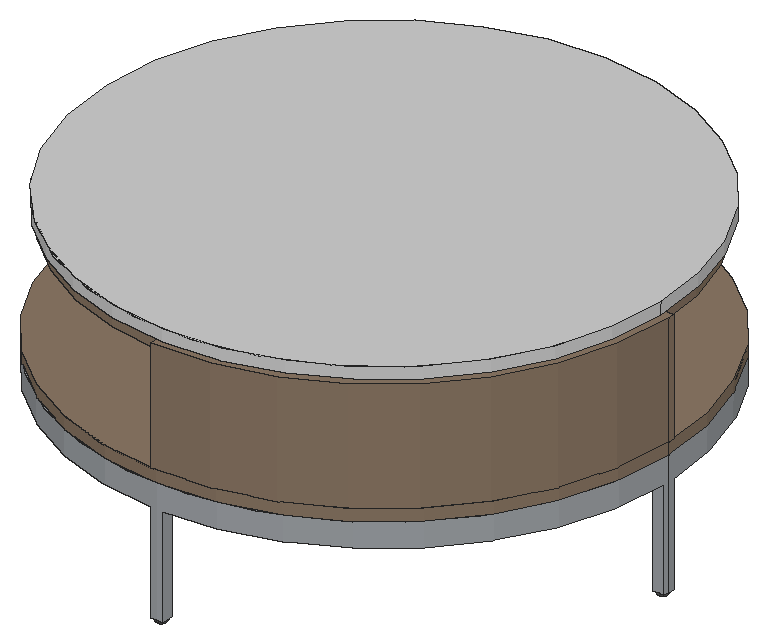
Revit family
Parameters
  URL = "http://www.martinbrattrud.com"
  Table Top [instance] = none
  Table [instance] = none
  SCS Certified Product = "Yes"
  Model = "Braemar 784-37CL"
  Manufacturer = "Martin Brattrud, Inc."
  Leg [instance] = none
  Keynote = "125000"
  Foot [instance] = none
  Copyright = "© 2013 Martin Brattrud, Inc."
  Authoring Version = "Revit Architecture 2010"
  Assembly Code = "E2020200"
Reference planes (in)
  plane 1 "Center Front/Back": y = 0
  plane 2: z = 0
  plane 3 "Center Left/Right": x = 0
Forms (in)
  Extrusion 1, solid, material <- "Table Top"
    sketch origin (0, 0, 0) x (1, 0, 0) y (0, 1, 0)
      loop
        circle (0, 0) r 18
    from 16.25008 to 17
  Extrusion 2, solid, material <- "Leg"
    sketch origin (0, 0, 0) x (1, 0, 0) y (0, 1, 0)
      loop
        circle (0, 0) r 18.5
      loop
        circle (0, 0) r 17.75
    from 0.25 to 8.25
  Extrusion 3, void
    sketch origin (0, 0, 0) x (1, 0, 0) y (0, 1, 0)
      loop
        arc (-18.4962, -0.375) -> (-13.18862, -13.18862) -> (-0.375, -18.4962) r 18.1212
        line (-0.375, -18.4962) -> (-0.375, -0.375) -> (-18.4962, -0.375)
      loop
        line (18.4962, -0.375) -> (0.375, -0.375) -> (0.375, -18.4962)
        arc (0.375, -18.4962) -> (13.18862, -13.18862) -> (18.4962, -0.375) r 18.1212
      loop
        line (-18.4962, 0.375) -> (-0.375, 0.375) -> (-0.375, 18.4962)
        arc (-0.375, 18.4962) -> (-13.18862, 13.18862) -> (-18.4962, 0.375) r 18.1212
      loop
        arc (18.4962, 0.375) -> (13.18862, 13.18862) -> (0.375, 18.4962) r 18.1212
        line (0.375, 18.4962) -> (0.375, 0.375) -> (18.4962, 0.375)
    from 0 to 6.70161
  Revolve 4, solid, material <- "Foot"
    sketch origin (18.49282, 0, 48) x (1, 0, 0) y (0, 0, -1)
      loop
        arc (-0.50027, 48) -> (-0.67687, 47.92668) -> (-0.75, 47.75) r 0.25
        line (-0.75, 47.75) -> (-0.375, 47.75) -> (-0.375, 48) -> (-0.50027, 48)
      axis (-0.375, 48) -> (-0.375, 47.75)
    angle from 0 to 360
  Extrusion 5, solid, material <- "Table"
    sketch origin (0, 0, 0) x (1, 0, 0) y (0, 1, 0)
      loop
        circle (0, 0) r 18.5
    from 8.25 to 9
  Extrusion 6, solid, material <- "Table"
    sketch origin (0, 0, 0) x (1, 0, 0) y (0, 1, 0)
      loop
        circle (0, 0) r 18.5
    from 9 to 16.25008
  Extrusion 7, void
    sketch origin (0, 0, 0) x (0, 1, 0) y (-1, 0, 0)
      loop
        line (18.4962, -0.375) -> (0.375, -0.375) -> (0.375, -18.4962)
        arc (0.375, -18.4962) -> (13.18862, -13.18862) -> (18.4962, -0.375) r 18.1212
      loop
        line (-18.4962, 0.375) -> (-0.375, 0.375) -> (-0.375, 18.4962)
        arc (-0.375, 18.4962) -> (-13.18862, 13.18862) -> (-18.4962, 0.375) r 18.1212
    from 9 to 16.25008
  Extrusion 8, solid, material <- "Table"
    sketch origin (0, 0, 0) x (1, 0, 0) y (0, 1, 0)
      loop
        circle (0, 0) r 17.75
    from 15.5 to 16.25008
  Revolve 9, solid, material <- "Foot"
    sketch origin (-18.49282, 0, 48) x (-1, 0, 0) y (0, 0, 1)
      loop
        line (-0.50027, -48) -> (-0.375, -48) -> (-0.375, -47.75) -> (-0.75, -47.75)
        arc (-0.75, -47.75) -> (-0.67687, -47.92668) -> (-0.50027, -48) r 0.25
      axis (-0.375, -48) -> (-0.375, -47.75)
    angle from 0 to 360
  Revolve 10, solid, material <- "Foot"
    sketch origin (0, 18.49282, 48) x (0, 1, 0) y (0, 0, -1)
      loop
        arc (-0.50027, 48) -> (-0.67687, 47.92668) -> (-0.75, 47.75) r 0.25
        line (-0.75, 47.75) -> (-0.375, 47.75) -> (-0.375, 48) -> (-0.50027, 48)
      axis (-0.375, 48) -> (-0.375, 47.75)
    angle from 0 to 360
  Revolve 11, solid, material <- "Foot"
    sketch origin (0, -18.49282, 48) x (0, -1, 0) y (0, 0, 1)
      loop
        line (-0.50027, -48) -> (-0.375, -48) -> (-0.375, -47.75) -> (-0.75, -47.75)
        arc (-0.75, -47.75) -> (-0.67687, -47.92668) -> (-0.50027, -48) r 0.25
      axis (-0.375, -48) -> (-0.375, -47.75)
    angle from 0 to 360
Cuts and joins
  Extrusion 3, Extrusion 7 cuts Extrusion 2
  Extrusion 7 cuts Revolve 4
  Extrusion 7 cuts Extrusion 6
  joined: Extrusion 5, Extrusion 6, Extrusion 8
